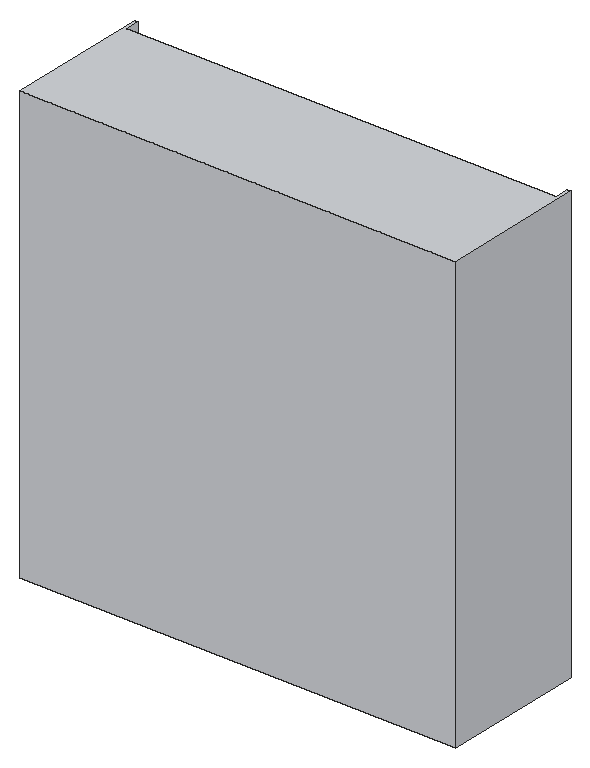
Revit family "Shower_Base-Willoughby-SB-Series_3232", category Generic Models, Revit 2015
Parameters (values of type "SB-Series 3636")
  URL = "https://www.willoughby-ind.com/wp-content/uploads/2018/01/SB-3636.pdf"
  Revision = "A"
  Model = "SB-3232"
  Manufacturer = "Willoughby Industries"
  Description = "32\" X 32\" Stainless Steel Shower Base"
  Default Elevation = 0' - 0"
  Contact Info = "(800) 428-4065"
Reference planes (in)
  plane 1 "Center (Front/Back)": y = 0
  plane 2: z = 0
  plane 3 "Center (Left/Right)": x = 0
  plane 4: z = 16.125
Forms (in)
  Extrusion 1, solid
    sketch origin (-9, 23.79286, 0) x (1, 0, 0) y (0, 1, 0)
      loop
        line (-7, -13.29286) -> (-7, -23.79286) -> (25, -23.79286) -> (25, -13.29286) -> (-7, -13.29286)
    from 0 to 32
  Extrusion 2, void
    sketch origin (0.25, 0, 0) x (1, 0, 0) y (0, 1, 0)
      loop
        line (-16, 10.5) -> (-16, 9.5) -> (15.5, 9.5) -> (15.5, 10.5) -> (-16, 10.5)
    from 0.25 to 36.25
  Extrusion 3, void
    sketch origin (-0.1668, 0, -2) x (1, 0, 0) y (0, 0, 1)
      loop
        line (3.1668, 21.08526) -> (-2.8332, 21.08526) -> (-2.8332, 15.08526) -> (3.1668, 15.08526) -> (3.1668, 21.08526)
    from -9.5 to -9.30631
  Extrusion 4, solid
    sketch origin (-0.41126, -0.42592, 0) x (1, 0, 0) y (0, 1, 0)
      loop
        circle (0.39889, 6.92592) r 1
    from 0 to 2
Cuts and joins
  Extrusion 2, Extrusion 3 cuts Extrusion 1
Dimensions and locks (in)
  Extrusion 1 to Extrusion 1 = 2' - 8"
  locked: cut or joined group of Extrusion 1, Extrusion 2, Extrusion 3 to Extrusion 4 sketch curve at 6.5
  aligned and locked: plane 1 "Center (Front/Back)" to Extrusion 1
Connectors (in)
  piping at (-0.01237, 6.5, 0), diameter 2
    settings: on Extrusion 4, index 1, connector inside diameter 24", connector length 0' - 0", flow factor 0, pipe flow 0 GPM, pressure drop 0.00 psi, fitting loss kfactor 0, connector angle 0.00°, fixture units 0, engagement length 0' - 0", angle of deflection 0.00°, flow configuration 0, flow direction 2, fitting loss method 0, system type 16, joint type 0, gender type 0, connector reference index -1, connector utility 0, adjustable connector no, is connector primary yes, connector description "2\" FIP"
